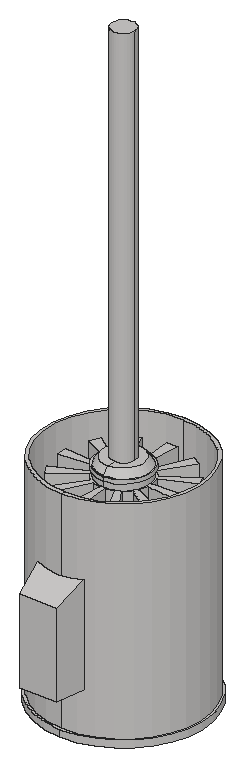
Revit family
Parameters (values of type "Type 1")
  WarrantyDurationUnit = "10 years"
  WarrantyDescription = "Any manufacturing defect"
  Version = "v1"
  SerialNumber = "3456330028646"
  ProductInformation = "http://www.delabie.com/products/4048P"
  NominalLenght = "Ø90mm"
  NominalHeight = 330 mm
  Name = "Toilet brush set"
  ModelNumber = "4048P"
  Material = 304 stainless steel
  ManufacturerURL = "http://www.delabie.com"
  ManufacturerName = "DELABIE"
  IntegralAccessoryOptions = "Soap dispenser"
  Finish = Bright polished
  Features  = "Wall-mounted toilet brush set without lid. \r\nBacteriostatic 304 stainless steel, bright polished finish. \r\nWall-mounted and anti-theft model. \r\nRobust model. \r\nEasy to clean: plastic bowl can be removed from above. \r\nPlastic bowl with reservoir: prevents the toilet brush from sitting in residual water and limits the risk of splashing when next used. \r\nStainless steel body 1mm thick. \r\nDimensions: Ø 90mm x 330mm."
  Description = "French manufacturer Delabie is a leader in the European sanitary ware market for non-domestic places. Water controls, solutions for disabled people, sanitary ware, for schools, leisure centres, offices, hospitals, airports…"
  Type Comments = "Toilet brush set"
  Model = "Toilet brush set"
  Manufacturer = "DELABIE"
  URL = "http://www.delabie.com"
  Category = "WC accessories"
  Assembly Code = ""
Reference planes
  plane 1 "Wall": y = 0
  plane 2 "Center (Left/Right)": x = 125
  plane 3 "Back": y = 75
  plane 4: y = 75
Text (mm)
  text "Placement Side" at (-1848.837, 1116.779, 0), in view "Ref. Level"
  text "Placement side" at (0, 1409.804, 2854.306), in view "Left"
  text "Placement side" at (0, 499.811, 2980.732), in view "Right"
Dimensions and locks
  locked: plane 3 "Back" to host wall
  locked: plane 3 "Back" to plane 4 at 0
  aligned and locked: plane 1 "Wall" to host wall
  aligned and locked: plane 4 to nested 1
Nested families
  nested 1: "4048P" at (130.025, 136.22, 215), type "4048P"
Definition of nested family "4048P"
  Parameters (values of type "4048P")
    Assembly Code = ""
    URL = ""
    Type Comments = ""
    Technologie = ""
    Model = ""
    Manufacturer = ""
    Famille de produits = ""
  Reference planes
    plane 1 "Center (Front/Back)": y = 0
    plane 2: z = 0
    plane 3 "Center (Left/Right)": x = 0
  Forms (mm)
    Revolve 1, solid, material "Inox 304 poli brillant"
      sketch origin (-5.025, 0, 0) x (0, 1, 0) y (0, 0, 1)
        loop
          line (-44.27, 125) -> (-44.27, 4) -> (-45.565, 4) -> (-45.565, 0) -> (0, 0) -> (0, 4) -> (-42.538, 4) -> (-42.538, 125) -> (-44.27, 125)
        axis (0, 125) -> (0, 0)
      angle from 0 to 360
    Extrusion 2, solid, material "Inox 304 poli brillant"
      sketch origin (-5.025, 0, 0) x (1, 0, 0) y (0, 1, 0)
        loop
          line (-6.39, 13.932) -> (-15.025, 31.793) -> (-20.021, 28.909) -> (-8.837, 12.328)
          arc (-8.837, 12.328) -> (-10.731, 10.731) -> (-12.328, 8.837) r 14.591
          line (-12.328, 8.837) -> (-28.999, 20.112) -> (-31.983, 15.146) -> (-13.828, 6.291)
          arc (-13.828, 6.291) -> (-14.677, 3.942) -> (-15.117, 1.482) r 14.706
          line (-15.117, 1.482) -> (-35.343, 2.897) -> (-35.343, -2.918) -> (-15.067, -1.5)
          arc (-15.067, -1.5) -> (-14.769, -3.971) -> (-13.872, -6.292) r 10.047
          line (-13.872, -6.292) -> (-31.982, -15.125) -> (-29.002, -20.084) -> (-12.422, -8.9)
          arc (-12.422, -8.9) -> (-10.787, -10.787) -> (-8.901, -12.421) r 17.479
          line (-8.901, -12.421) -> (-20.299, -29.32) -> (-15.064, -31.873) -> (-6.297, -13.897)
          arc (-6.297, -13.897) -> (-3.967, -14.677) -> (-1.578, -15.25) r 28.153
          line (-1.578, -15.25) -> (-3.321, -35.174) -> (2.895, -35.174) -> (1.5, -15.221)
          arc (1.5, -15.221) -> (3.926, -14.673) -> (6.269, -13.84) r 20.8
          line (6.269, -13.84) -> (15.106, -31.959) -> (20.089, -29.197) -> (8.792, -12.449)
          arc (8.792, -12.449) -> (10.702, -10.743) -> (12.408, -8.833) r 22.73
          line (12.408, -8.833) -> (29.287, -20.218) -> (31.792, -15.082) -> (13.816, -6.315)
          arc (13.816, -6.315) -> (14.778, -3.973) -> (15.116, -1.464) r 9.916
          line (15.116, -1.464) -> (35.332, -3.125) -> (35.332, 2.873) -> (15.089, 1.458)
          arc (15.089, 1.458) -> (14.785, 3.953) -> (13.964, 6.33) r 11.928
          line (13.964, 6.33) -> (32.079, 15.088) -> (28.999, 20.018) -> (12.418, 8.834)
          arc (12.418, 8.834) -> (10.775, 10.737) -> (8.872, 12.38) r 17.179
          line (8.872, 12.38) -> (20.14, 29.085) -> (15.096, 31.881) -> (6.329, 13.905)
          arc (6.329, 13.905) -> (3.938, 14.646) -> (1.479, 15.114) r 22.242
          line (1.479, 15.114) -> (2.877, 35.113) -> (-2.889, 35.113) -> (-1.494, 15.162)
          arc (-1.494, 15.162) -> (-3.98, 14.701) -> (-6.39, 13.932) r 20.076
      from 45.038 to 115
    Revolve 3, solid, material "Inox 304 poli brillant"
      sketch origin (-5.025, 0, 0) x (0, 1, 0) y (0, 0, 1)
        loop
          line (0, 125) -> (0, 115) -> (14.179, 115) -> (14.179, 119) -> (15.25, 119) -> (15.25, 121) -> (14.109, 121) -> (11.308, 125) -> (0, 125)
        axis (0, 115) -> (0, 125)
      angle from 0 to 360
    Extrusion 4, solid, material "Inox 304 poli brillant"
      sketch origin (-5.025, 0, 0) x (1, 0, 0) y (0, 1, 0)
        loop
          circle (0, 0) r 6.459
      from 125 to 346.049
    Extrusion 5, solid, material "Inox 304 poli brillant"
      sketch origin (-5.025, 1.722, -12.254) x (1, 0, 0) y (0, 1, 0)
        loop
          arc (-13.36, 43.562) -> (-6.755, 45.061) -> (0, 45.565) r 45.565
          arc (0, 45.565) -> (6.755, 45.061) -> (13.36, 43.562) r 45.565
          line (13.36, 43.562) -> (10.55, 59.498) -> (-10.55, 59.498) -> (-13.36, 43.562)
      from 41.008 to 103.807
    Sweep 6, void
      path origin (0, 131.475, 91.92) x (1, 0, 0) y (0, 0, 1)
        loop
          line (-60.583, -7.065) -> (54.417, -7.065)
      profile origin (-3.083, 131.475, 84.854) x (0, 0, 1) y (0, -1, 0)
        loop
          line (0.842, 86.191) -> (-7.991, 70.256) -> (6.698, 70.256) -> (6.698, 86.191) -> (0.842, 86.191)
  Cuts and joins
    Sweep 6 cuts Revolve 1
    Sweep 6 cuts Extrusion 5
